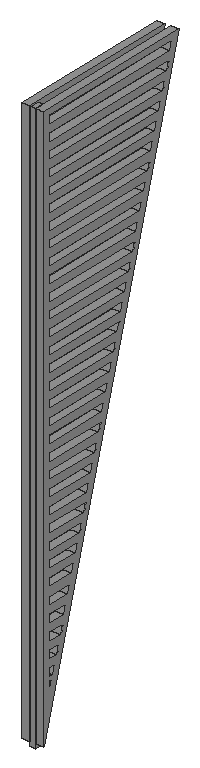
Revit family "MBS_shading panel2__down_90", category Generic Models, Revit 2014
Reference planes
  plane 1 "Center (Front/Back)": y = 0
  plane 2: z = 0
  plane 3 "Center (Left/Right)": x = 0
Dimensions and locks
  aligned and locked: level to plane 2
Nested families
  nested 1: "MBS_rounding mullion shading system1" at (100, -100, 0), type "MBS_rounding mullion shading system1"
    with rounding mullion height 2700 mm
  nested 2: "MBS_shading panel2" at (180, -142.963, 20) x (0, -1, 0) z (1, 0, 0), type "MBS_shading panel2"
    with shad panel thickness 40 mm, shad panel 1 void height 2700 mm
  nested 3: "MBS_shading panel2" at (155, -142.963, 20) x (0, -1, 0) z (-1, 0, 0), type "MBS_shading panel2"
    with shad panel thickness 40 mm, shad panel 1 void height 2700 mm
Definition of nested family "MBS_rounding mullion shading system1"
  Parameters (values of type "MBS_rounding mullion shading system1")
    rounding mullion mater = Steel, Galvanized rounding mull
    rounding mullion height [instance] = 2700 mm
    Default Elevation = 1219.2 mm
  Reference planes
    plane 1 "Center (Front/Back)": y = 0
    plane 2: z = 0
    plane 3 "Center (Left/Right)": x = 0
  Forms (mm)
    Extrusion 1, solid
      sketch origin (0, 0, 0) x (1, 0, 0) y (0, 1, 0)
        loop
          line (-1219.2, 1219.2) -> (-1219.2, -1219.2) -> (1219.2, -1219.2) -> (1219.2, 1219.2) -> (-1219.2, 1219.2)
      from 0 to -304.8
    Extrusion 2, solid, material "Steel, Galvanized rounding mull" <- "rounding mullion mater"
      sketch origin (0, 0, 0) x (1, 0, 0) y (0, 1, 0)
        loop
          line (55, 0) -> (55, -40) -> (80, -40) -> (80, 0) -> (55, 0)
      from 0 to 2700 <- "rounding mullion height"
  Dimensions and locks
    aligned and locked: plane 2 to Extrusion 1
    aligned and locked: level to Extrusion 1
Definition of nested family "MBS_shading panel2"
  Parameters (values of type "MBS_shading panel2")
    shading panel mater = Oak, Red shading panel2
    shad panel thickness [instance] = 40 mm
    shad panel 1 void height [instance] = 2700 mm
    panel hole = 40 mm
    Default Elevation = 1219.2 mm
  Reference planes
    plane 1 "Center (Front/Back)": y = 0
    plane 2: z = 0
    plane 3 "Center (Left/Right)": x = 0
    plane 4: y = -281.851
    plane 5: y = -321.851
    plane 6: y = -356.851
    plane 7: y = -396.851
    plane 8: through (-32.963, -206.851, 1219.2) normal (0.9588, -0.2841, 0)
    plane 9: y = -431.851
    plane 10: y = -471.851
    plane 11: y = -506.851
    plane 12: y = -546.851
    plane 13: y = -581.851
    plane 14: y = -621.851
    plane 15: y = -661.851
    plane 16: y = -701.851
    plane 17: y = -736.851
    plane 18: y = -776.851
    plane 19: y = -811.851
    plane 20: y = -851.851
    plane 21: y = -886.851
    plane 22: y = -926.851
    plane 23: y = -961.851
    plane 24: y = -1001.851
    plane 25: y = -1036.851
    plane 26: y = -1076.851
    plane 27: y = -1111.851
    plane 28: y = -1151.851
    plane 29: y = -1186.851
    plane 30: y = -1226.851
    plane 31: y = -1261.851
    plane 32: y = -1301.851
    plane 33: y = -1336.851
    plane 34: y = -1376.851
    plane 35: y = -1411.851
    plane 36: y = -1451.851
    plane 37: y = -1486.851
    plane 38: y = -1526.851
    plane 39: y = -1561.851
    plane 40: y = -1601.851
    plane 41: y = -1636.851
    plane 42: y = -1676.851
    plane 43: y = -1711.851
    plane 44: y = -1751.851
    plane 45: y = -1786.851
    plane 46: y = -1826.851
    plane 47: y = -1861.851
    plane 48: y = -1901.851
    plane 49: y = -1936.851
    plane 50: y = -1976.851
    plane 51: y = -2011.851
    plane 52: y = -2051.851
    plane 53: y = -2086.851
    plane 54: y = -2126.851
    plane 55: y = -2161.851
    plane 56: y = -2201.851
    plane 57: y = -2236.851
    plane 58: y = -2276.851
    plane 59: y = -2311.851
    plane 60: y = -2351.851
    plane 61: y = -2386.851
    plane 62: y = -2426.851
    plane 63: y = -2501.851
    plane 64: y = -2461.851
    plane 65: y = -2536.851
    plane 66: y = -2576.851
    plane 67: y = -2611.851
    plane 68: y = -2651.851
  Forms (mm)
    Extrusion 1, solid
      sketch origin (0, 0, 0) x (1, 0, 0) y (0, 1, 0)
        loop
          line (-1219.2, 1219.2) -> (-1219.2, -1219.2) -> (1219.2, -1219.2) -> (1219.2, 1219.2) -> (-1219.2, 1219.2)
      from 0 to -304.8
    Extrusion 2, solid, material "Oak, Red shading panel2" <- "shading panel mater"
      sketch origin (224.87, -1442.49, 0) x (1, 0, 0) y (0, 1, 0)
        loop
          line (-227.833, 1442.49) -> (-1021.907, -1237.51) -> (-227.833, -1237.51) -> (-227.833, 1442.49)
        loop
          line (-257.833, 1235.639) -> (-275.611, 1175.639) -> (-257.833, 1175.639) -> (-257.833, 1235.639)
        loop
          line (-257.833, 1160.639) -> (-280.056, 1160.639) -> (-291.907, 1120.639) -> (-257.833, 1120.639) -> (-257.833, 1160.639)
        loop
          line (-257.833, 1085.639) -> (-302.278, 1085.639) -> (-314.13, 1045.639) -> (-257.833, 1045.639) -> (-257.833, 1085.639)
        loop
          line (-257.833, 1010.639) -> (-324.5, 1010.639) -> (-336.352, 970.639) -> (-257.833, 970.639) -> (-257.833, 1010.639)
        loop
          line (-257.833, 860.639) -> (-368.944, 860.639) -> (-380.796, 820.639) -> (-257.833, 820.639) -> (-257.833, 860.639)
        loop
          line (-257.833, 935.639) -> (-346.722, 935.639) -> (-358.574, 895.639) -> (-257.833, 895.639) -> (-257.833, 935.639)
        loop
          line (-257.833, 780.639) -> (-392.648, 780.639) -> (-404.5, 740.639) -> (-257.833, 740.639) -> (-257.833, 780.639)
        loop
          line (-257.833, 705.639) -> (-414.87, 705.639) -> (-426.722, 665.639) -> (-257.833, 665.639) -> (-257.833, 705.639)
        loop
          line (-257.833, 630.639) -> (-437.093, 630.639) -> (-448.944, 590.639) -> (-257.833, 590.639) -> (-257.833, 630.639)
        loop
          line (-257.833, 555.639) -> (-459.315, 555.639) -> (-471.167, 515.639) -> (-257.833, 515.639) -> (-257.833, 555.639)
        loop
          line (-257.833, 480.639) -> (-481.537, 480.639) -> (-493.389, 440.639) -> (-257.833, 440.639) -> (-257.833, 480.639)
        loop
          line (-257.833, 405.639) -> (-503.759, 405.639) -> (-515.611, 365.639) -> (-257.833, 365.639) -> (-257.833, 405.639)
        loop
          line (-257.833, 330.639) -> (-525.982, 330.639) -> (-537.833, 290.639) -> (-257.833, 290.639) -> (-257.833, 330.639)
        loop
          line (-257.833, 255.639) -> (-548.204, 255.639) -> (-560.056, 215.639) -> (-257.833, 215.639) -> (-257.833, 255.639)
        loop
          line (-257.833, 180.639) -> (-570.426, 180.639) -> (-582.278, 140.639) -> (-257.833, 140.639) -> (-257.833, 180.639)
        loop
          line (-257.833, 105.639) -> (-592.648, 105.639) -> (-604.5, 65.639) -> (-257.833, 65.639) -> (-257.833, 105.639)
        loop
          line (-257.833, 30.639) -> (-614.87, 30.639) -> (-626.722, -9.361) -> (-257.833, -9.361) -> (-257.833, 30.639)
        loop
          line (-257.833, -44.361) -> (-637.093, -44.361) -> (-648.944, -84.361) -> (-257.833, -84.361) -> (-257.833, -44.361)
        loop
          line (-257.833, -119.361) -> (-659.315, -119.361) -> (-671.167, -159.361) -> (-257.833, -159.361) -> (-257.833, -119.361)
        loop
          line (-257.833, -194.361) -> (-681.537, -194.361) -> (-693.389, -234.361) -> (-257.833, -234.361) -> (-257.833, -194.361)
        loop
          line (-257.833, -269.361) -> (-703.759, -269.361) -> (-715.611, -309.361) -> (-257.833, -309.361) -> (-257.833, -269.361)
        loop
          line (-257.833, -344.361) -> (-725.982, -344.361) -> (-737.833, -384.361) -> (-257.833, -384.361) -> (-257.833, -344.361)
        loop
          line (-257.833, -419.361) -> (-748.204, -419.361) -> (-760.056, -459.361) -> (-257.833, -459.361) -> (-257.833, -419.361)
        loop
          line (-257.833, -494.361) -> (-770.426, -494.361) -> (-782.278, -534.361) -> (-257.833, -534.361) -> (-257.833, -494.361)
        loop
          line (-257.833, -569.361) -> (-792.648, -569.361) -> (-804.5, -609.361) -> (-257.833, -609.361) -> (-257.833, -569.361)
        loop
          line (-257.833, -644.361) -> (-814.87, -644.361) -> (-826.722, -684.361) -> (-257.833, -684.361) -> (-257.833, -644.361)
        loop
          line (-257.833, -719.361) -> (-837.093, -719.361) -> (-848.944, -759.361) -> (-257.833, -759.361) -> (-257.833, -719.361)
        loop
          line (-257.833, -794.361) -> (-859.315, -794.361) -> (-871.167, -834.361) -> (-257.833, -834.361) -> (-257.833, -794.361)
        loop
          line (-257.833, -869.361) -> (-881.537, -869.361) -> (-893.389, -909.361) -> (-257.833, -909.361) -> (-257.833, -869.361)
        loop
          line (-257.833, -944.361) -> (-903.759, -944.361) -> (-915.611, -984.361) -> (-257.833, -984.361) -> (-257.833, -944.361)
        loop
          line (-257.833, -1019.361) -> (-925.982, -1019.361) -> (-937.833, -1059.361) -> (-257.833, -1059.361) -> (-257.833, -1019.361)
        loop
          line (-257.833, -1094.361) -> (-948.204, -1094.361) -> (-960.056, -1134.361) -> (-257.833, -1134.361) -> (-257.833, -1094.361)
        loop
          line (-257.833, -1169.361) -> (-970.426, -1169.361) -> (-982.278, -1209.361) -> (-257.833, -1209.361) -> (-257.833, -1169.361)
      from 0 to 40 <- "shad panel thickness"
  Dimensions and locks
    "panel hole": plane 4 to plane 5
    "panel hole": plane 6 to plane 7
    "panel hole": plane 9 to plane 10
    "panel hole": plane 11 to plane 12
    "panel hole": plane 13 to plane 14
    "panel hole": plane 15 to plane 16
    "panel hole": plane 17 to plane 18
    "panel hole": plane 19 to plane 20
    "panel hole": plane 21 to plane 22
    "panel hole": plane 23 to plane 24
    "panel hole": plane 25 to plane 26
    "panel hole": plane 27 to plane 28
    "panel hole": plane 29 to plane 30
    "panel hole": plane 31 to plane 32
    "panel hole": plane 33 to plane 34
    "panel hole": plane 35 to plane 36
    "panel hole": plane 37 to plane 38
    "panel hole": plane 39 to plane 40
    "panel hole": plane 41 to plane 42
    "panel hole": plane 43 to plane 44
    "panel hole": plane 45 to plane 46
    "panel hole": plane 47 to plane 48
    "panel hole": plane 49 to plane 50
    "panel hole": plane 51 to plane 52
    "panel hole": plane 53 to plane 54
    "panel hole": plane 55 to plane 56
    "panel hole": plane 57 to plane 58
    "panel hole": plane 59 to plane 60
    "panel hole": plane 61 to plane 62
    "panel hole": plane 64 to plane 63
    "panel hole": plane 65 to plane 66
    "panel hole": plane 67 to plane 68
    aligned and locked: plane 2 to Extrusion 1
    aligned and locked: level to Extrusion 1
    aligned and locked: plane 4 to Extrusion 2 sketch curve
    aligned and locked: plane 5 to Extrusion 2 sketch curve
    aligned and locked: plane 6 to Extrusion 2 sketch curve
    aligned and locked: plane 7 to Extrusion 2 sketch curve
    aligned and locked: plane 8 to Extrusion 2 sketch curve  (x33)
    aligned and locked: plane 9 to Extrusion 2 sketch curve
    aligned and locked: plane 10 to Extrusion 2 sketch curve
    aligned and locked: plane 11 to Extrusion 2 sketch curve
    aligned and locked: plane 12 to Extrusion 2 sketch curve
    aligned and locked: plane 13 to Extrusion 2 sketch curve
    aligned and locked: plane 14 to Extrusion 2 sketch curve
    aligned and locked: plane 15 to Extrusion 2 sketch curve
    aligned and locked: plane 16 to Extrusion 2 sketch curve
    aligned and locked: plane 17 to Extrusion 2 sketch curve
    aligned and locked: plane 18 to Extrusion 2 sketch curve
    aligned and locked: plane 19 to Extrusion 2 sketch curve
    aligned and locked: plane 20 to Extrusion 2 sketch curve
    aligned and locked: plane 21 to Extrusion 2 sketch curve
    aligned and locked: plane 22 to Extrusion 2 sketch curve
    aligned and locked: plane 23 to Extrusion 2 sketch curve
    aligned and locked: plane 24 to Extrusion 2 sketch curve
    aligned and locked: plane 25 to Extrusion 2 sketch curve
    aligned and locked: plane 26 to Extrusion 2 sketch curve
    aligned and locked: plane 27 to Extrusion 2 sketch curve
    aligned and locked: plane 28 to Extrusion 2 sketch curve
    aligned and locked: plane 29 to Extrusion 2 sketch curve
    aligned and locked: plane 30 to Extrusion 2 sketch curve
    aligned and locked: plane 31 to Extrusion 2 sketch curve
    aligned and locked: plane 32 to Extrusion 2 sketch curve
    aligned and locked: plane 33 to Extrusion 2 sketch curve
    aligned and locked: plane 34 to Extrusion 2 sketch curve
    aligned and locked: plane 35 to Extrusion 2 sketch curve
    aligned and locked: plane 36 to Extrusion 2 sketch curve
    aligned and locked: plane 37 to Extrusion 2 sketch curve
    aligned and locked: plane 38 to Extrusion 2 sketch curve
    aligned and locked: plane 39 to Extrusion 2 sketch curve
    aligned and locked: plane 40 to Extrusion 2 sketch curve
    aligned and locked: plane 41 to Extrusion 2 sketch curve
    aligned and locked: plane 42 to Extrusion 2 sketch curve
    aligned and locked: plane 43 to Extrusion 2 sketch curve
    aligned and locked: plane 44 to Extrusion 2 sketch curve
    aligned and locked: plane 45 to Extrusion 2 sketch curve
    aligned and locked: plane 46 to Extrusion 2 sketch curve
    aligned and locked: plane 47 to Extrusion 2 sketch curve
    aligned and locked: plane 48 to Extrusion 2 sketch curve
    aligned and locked: plane 49 to Extrusion 2 sketch curve
    aligned and locked: plane 50 to Extrusion 2 sketch curve
    aligned and locked: plane 51 to Extrusion 2 sketch curve
    aligned and locked: plane 52 to Extrusion 2 sketch curve
    aligned and locked: plane 53 to Extrusion 2 sketch curve
    aligned and locked: plane 54 to Extrusion 2 sketch curve
    aligned and locked: plane 55 to Extrusion 2 sketch curve
    aligned and locked: plane 56 to Extrusion 2 sketch curve
    aligned and locked: plane 57 to Extrusion 2 sketch curve
    aligned and locked: plane 58 to Extrusion 2 sketch curve
    aligned and locked: plane 59 to Extrusion 2 sketch curve
    aligned and locked: plane 60 to Extrusion 2 sketch curve
    aligned and locked: plane 61 to Extrusion 2 sketch curve
    aligned and locked: plane 62 to Extrusion 2 sketch curve
    aligned and locked: plane 63 to Extrusion 2 sketch curve
    aligned and locked: plane 64 to Extrusion 2 sketch curve
    aligned and locked: plane 65 to Extrusion 2 sketch curve
    aligned and locked: plane 66 to Extrusion 2 sketch curve
    aligned and locked: plane 67 to Extrusion 2 sketch curve
    aligned and locked: plane 68 to Extrusion 2 sketch curve
  Automatic sketch dimensions
    Extrusion 1 sketch curve to Extrusion 1 sketch curve = 2438.4 mm  (x2)
    plane 1 "Center (Front/Back)" to Extrusion 2 sketch curve = 0 mm
    Extrusion 2 sketch curve to plane 68 = 28.149 mm
    Extrusion 2 sketch curve to Extrusion 2 sketch curve = 39.63 mm
    plane 4 to Extrusion 2 sketch curve = 15 mm
    Extrusion 2 sketch curve to plane 3 "Center (Left/Right)" = 32.963 mm  (x32)
    Extrusion 2 sketch curve to Extrusion 2 sketch curve = 0 mm
    Extrusion 2 sketch curve to plane 3 "Center (Left/Right)" = 2.963 mm
